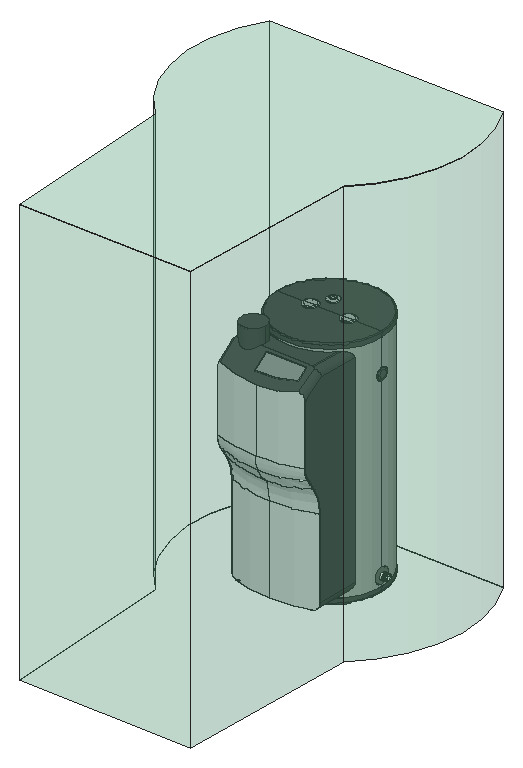
Revit family "Innovo  BENL_IR 20 160 BENL LP", category Mechanical Equipment, Revit 2015
Parameters (values of type "IR-20-160 BENL LP")
  Werkruimte Radius = Diameter + 170 mm  # 730 mm
  Werkruimte Hoogte = Hoogte + 1000 mm  # 2270 mm
  Werkruimte Afstand Voor = 1000 mm
  Werkruimte [instance] = yes
  Voorzorgsmaatregelen tijdens montage, installatie of onderhoud = "zie Gebruikers, Installatie, Service en Onderhouds handleiding"  # constant formula
  Voltage = 230 V  # constant formula
  Verpakkingslengte = 946 mm  # constant formula
  Verpakkingshoogte = 1465 mm
  Verpakkingsbreedte = 786 mm  # constant formula
  Uitsluitend werkend in daluren = no
  Uitschakeldruk LDS < = "115"
  Type aanduiding = "IR-12-160"
  Transportgewicht = 114 kg
  Totaal Gewicht = 274 kg
  Stilstandsverlies - dagelijks (24u) = 0 W
  Stilstandsverlies = 0 W
  Standaard Afgesteld op = "G20/G25"
  Stand Regelthermostaat = 65 °C  # constant formula
  Soort Verpakking = "Karton en Hout"  # constant formula
  Slimme controlefunctie = no
  Setpoint thermostaat = 65 °C  # constant formula
  Seizoens Rendement (Hs) = [Rendement (Hs, vlgs. NEN-EN 89 - 1999)]  # 96
  Rendement (Hs, vlgs. NEN-EN 89 - 1999) = 96
  Rendement (Hi, vlgs. NEN-EN 89 - 1999) = 107
  Produktspecificaties Link = ""
  Produkthandleiding Link = ""
  Produkt Model Nummer (EAN-nummer) = "8717449285890"
  Onderhoudsinterval = "12 maanden"  # constant formula
  Nominale Belasting (Onderwaarde) = "10900.0/9000.0"
  Nominale Belasting (Bovenwaarde) = "12100.0/10000.0"
  Nominaal Vermogen = "11700.0/9600.0"
  NOx-uitstoot mg/kWh = "22.0/23.0"
  NOx-uitstoot (lucht vrij, 0% O2) ppm = "14.0/14.0"
  Min. Stand Regelthermostaat = 40 °C  # constant formula
  Max. Werkdruk = 800000.0 Pa
  Max. Stand Regelthermostaat = 85 °C  # constant formula
  Max. Rookgastemperatuur = 45 °C
  Ledig Gewicht = 95 kg
  Kraan Hoogte 02 = if(and(Hoogte = 1745 mm, Diameter = 675 mm), 1518 mm, if(and(Hoogte = 1745 mm, Diameter = 610 mm), 1534 mm, if(Hoogte = 1545 mm, 1328 mm, 1070 mm)))  # 1070 mm
  Kraan Hoogte 01 = if(and(Diameter > 560 mm), 693 mm, 604 mm)  # 604 mm
  URL = "www.aosmith.be"
  Tapcapaciteit bij ΔT = 70°C  na 90 min. = 270.0 L
  Tapcapaciteit bij ΔT = 70°C  na 60 min. = 200.0 L
  Tapcapaciteit bij ΔT = 70°C  na 30 min. = 120.0 L
  Tapcapaciteit bij ΔT = 70°C  na 120 min. = 340.0 L
  Tapcapaciteit bij ΔT = 55°C  na 90 min. = 370.0 L
  Tapcapaciteit bij ΔT = 55°C  na 60 min. = 270.0 L
  Tapcapaciteit bij ΔT = 55°C  na 30 min. = 180.0 L
  Tapcapaciteit bij ΔT = 55°C  na 120 min. = 460.0 L
  Tapcapaciteit bij ΔT = 50°C  na 90 min. = 410.0 L
  Tapcapaciteit bij ΔT = 50°C  na 60 min. = 310.0 L
  Tapcapaciteit bij ΔT = 50°C  na 30 min. = 210.0 L
  Tapcapaciteit bij ΔT = 50°C na 120 min. = 510.0 L
  Tapcapaciteit bij ΔT = 44°C na 120 min. = 480.0 L
  Tapcapaciteit bij ΔT = 44°C  na 90 min. = 360.0 L
  Tapcapaciteit bij ΔT = 44°C  na 60 min. = 250.0 L
  Tapcapaciteit bij ΔT = 44°C  na 30 min. = 590.0 L
  Tapcapaciteit bij ΔT = 28°C na 90 min. = 780.0 L
  Tapcapaciteit bij ΔT = 28°C na 60 min. = 600.0 L
  Tapcapaciteit bij ΔT = 28°C na 30 min. = 420.0 L
  Tapcapaciteit bij ΔT = 28°C na 120 min. = 960.0 L
  Tapcapaciteit Continu bij ΔT = 70°C = 150.0 L/s
  Tapcapaciteit Continu bij ΔT = 55°C = 190.0 L/s
  Tapcapaciteit Continu bij ΔT = 50°C = 200.0 L/s
  Tapcapaciteit Continu bij ΔT = 44°C = 230.0 L/s
  Tapcapaciteit Continu bij ΔT = 28°C = 360.0 L/s
  Opwarmtijd bij ΔT = 70°C = "42"
  Opwarmtijd bij ΔT = 55°C = "34"
  Opwarmtijd bij ΔT = 50°C = "31"
  Opwarmtijd bij ΔT = 44°C = "27"
  Opwarmtijd bij ΔT = 28°C = "17"
  Model = "IR-12-160 BENL NAT"
  Manufacturer = "A.O. Smith Water Products Company b.v."  # constant formula
  Length = 780 mm  # constant formula
  Jaarlijks elektriciteitsverbruik (2) = "-"
  Jaarlijks elektriciteitsverbruik (1) = "38 kWh"
  Jaarlijks brandstofverbruik (2) = "-"
  Jaarlijks brandstofverbruik (1) = "16 GJ GCV"
  Isolatiedikte = 50 mm
  Installatie Typen = "B23/C13/C33/C43/C53/C63"  # constant formula
  Inhoud = 160.0 L
  Hoogte Warm Water Uitlaat = 1270 mm
  Hoogte Rookgasafvoer = 1295 mm
  Hoogte Lucht Inlaat = 1295 mm
  Hoogte Koud Water Inlaat = 170 mm
  Hoogte Gas Aansluiting = 860 mm
  Hoogte = 1270 mm
  Handelsmerk = "A.O. Smith"  # constant formula
  Geluidsniveau dB (A) = "<45"  # constant formula
  Geluidsniveau binnen = "41 dB"
  Gasverbruik - Volume ltr/hr = "1.20/1.10"
  Gasverbruik - Massa kg/h = "n.v.t."
  Gascategorie = "I2E(S)B"  # constant formula
  Gas Voordruk = "2000/2500 Pa"
  Gas Aansluiting = 15"  # constant formula
  Garrantie op Tank = "36 maanden"  # constant formula
  Garrantie op Onderdelen = "12 maanden"  # constant formula
  Frequentie = 50 Hz  # constant formula
  Fase = 1
  Fabrikantnummer = "E 7110"  # constant formula
  Energie-efficiëntieklasse voor waterverwarming (2) = "-"
  Energie-efficiëntieklasse voor waterverwarming (1) = "A"  # constant formula
  Energie-efficiëntie voor waterverwarming (2) = "-"
  Energie-efficiëntie voor waterverwarming (1) = "92%"
  Elektrisch Vermogen (piek) = 85 W
  Elektrisch Vermogen (nominaal) = 25 W
  Diameter Schoorsteen - parallel systeem = "2x80"  # constant formula
  Diameter Schoorsteen - concentrisch systeem = "80/125 mm/mm"  # constant formula
  Diameter Schoorsteen - boiler = "80/125 mm/mm"  # constant formula
  Diameter = 560 mm
  Description = "Condenserende Hoog Rendementsboiler"  # constant formula
  Created By = "http://www.cadcompany.nl/"
  Capaciteitsprofiel = "XL"
  CO2-uitstoot (tol. +/- 1.0) vol% = "9.3/7.5"
  CE-PIN = "0063CQ3037"  # constant formula
  Breedte = Diameter  # 560 mm
  Bestemming / Land = "BelgIë"  # constant formula
  BIM Content Developer = "CAD & Company"  # constant formula
  Assembly Code = "D3010"
  Ander capaciteitsprofiel = "-"
  Aansluiting Warm Water = 3/4"
  Aansluiting T&P = 3/4"
  Aansluiting Koud Water = 3/4"  # constant formula
  Aansluiting Condensafvoer = 40 mm  # constant formula
  Aansluiting Aftapkraan = 3/4"  # constant formula
  2e Onderhoud (algeheel onderhoud) = "12 maanden na installatie"  # constant formula
  1e Onderhoud (check-up) = "3 maanden na installatie"  # constant formula
Reference planes
  plane 1 "Center (Front/Back)": y = 0
  plane 2: z = 0
  plane 3 "Center (Left/Right)": x = 0
  plane 4 "Pipe": through (-383.901, 912.349, 194.799) normal (-0.0879, -0.0879, 0.9923)
  plane 5 "footing": y = 118.925
  plane 6 "footing front": y = -237.85
  plane 7: x = -280
  plane 8: x = 280
  plane 9: z = 1270
Forms (mm)
  Revolve 1, solid, material "RAL 9005", detail levels medium+fine
    sketch origin (0, -237.85, 0) x (-1, 0, 0) y (0, 0, 1)
      loop
        line (0, 28.9) -> (-15, 28.9) -> (-15, 26.4) -> (-8.671, 26.4) -> (-8.671, 18) -> (-5.686, 18) -> (-6.626, 17.06) -> (-6.626, 12.06) -> (-8.671, 12.06) -> (-8.671, 10) -> (-10.031, 10) -> (-23.271, 5.181)
        arc (-23.271, 5.181) -> (-23.763, 4.836) -> (-24.017, 4.293) r 1.159
        line (-24.017, 4.293) -> (-24.017, 1.03)
        arc (-24.017, 1.03) -> (-23.715, 0.302) -> (-22.986, 0) r 1.03
        line (-22.986, 0) -> (0, 0) -> (0, 28.9)
      axis (0, 28.9) -> (0, 0)
    angle from 0 to 360
  Revolve 2, solid, material "RAL 9005", detail levels medium+fine
    sketch origin (0, 118.925, 0) x (-1, 0, 0) y (0, 0, 1)
      loop
        line (-180.984, 28.9) -> (-195.984, 28.9) -> (-195.984, 26.4) -> (-189.655, 26.4) -> (-189.655, 18) -> (-186.67, 18) -> (-187.61, 17.06) -> (-187.61, 12.06) -> (-189.655, 12.06) -> (-189.655, 10) -> (-191.015, 10) -> (-204.256, 5.181)
        arc (-204.256, 5.181) -> (-204.747, 4.836) -> (-205.001, 4.293) r 1.159
        line (-205.001, 4.293) -> (-205.001, 1.03)
        arc (-205.001, 1.03) -> (-204.699, 0.302) -> (-203.971, 0) r 1.03
        line (-203.971, 0) -> (-180.984, 0) -> (-180.984, 28.9)
      axis (-180.984, 28.9) -> (-180.984, 0)
    angle from 0 to 360
  Revolve 3, solid, material "RAL 9005", detail levels medium+fine
    sketch origin (0, 118.925, 0) x (-1, 0, 0) y (0, 0, 1)
      loop
        line (179.016, 28.9) -> (164.016, 28.9) -> (164.016, 26.4) -> (170.345, 26.4) -> (170.345, 18) -> (173.33, 18) -> (172.39, 17.06) -> (172.39, 12.06) -> (170.345, 12.06) -> (170.345, 10) -> (168.985, 10) -> (155.744, 5.181)
        arc (155.744, 5.181) -> (155.253, 4.836) -> (154.999, 4.293) r 1.159
        line (154.999, 4.293) -> (154.999, 1.03)
        arc (154.999, 1.03) -> (155.301, 0.302) -> (156.029, 0) r 1.03
        line (156.029, 0) -> (179.016, 0) -> (179.016, 28.9)
      axis (179.016, 28.9) -> (179.016, 0)
    angle from 0 to 360
Lines and regions (mm)
  symbolic lines
    curve 1: line (0, 280.06, 0) -> (0, -280.06, 0)
    curve 2: line (-255.06, 0, 0) -> (255.06, 0, 0)
  symbolic lines, style "Workspace"
    curve 3: line (623.261, 380.06, 0) -> (-623.261, 380.06, 0)
    curve 4: arc (-623.261, 380.06, 0) -> (-726.942, -66.745, 0) -> (-543.632, -487.2, 0) r 730
    curve 5: line (-543.632, -487.2, 0) -> (-396.783, -1492.825, 0)
    curve 6: line (-396.783, -1492.825, 0) -> (399.03, -1492.825, 0)
    curve 7: line (399.03, -1492.825, 0) -> (545.76, -484.816, 0)
    curve 8: arc (545.76, -484.816, 0) -> (727.087, -65.154, 0) -> (623.261, 380.06, 0) r 730
Dimensions and locks
  plane 5 "footing" to plane 1 "Center (Front/Back)" = 118.925 mm
  plane 1 "Center (Front/Back)" to plane 6 "footing front" = 237.85 mm
  "Diameter": plane 7 to plane 8
  equal spacing: plane 7, plane 3 "Center (Left/Right)", plane 8
  "Hoogte": plane 9 to plane 2
  "Werkruimte Afstand Voor": curve 6 to nested 3
  "Werkruimte Radius": radius of curve 4
  "Werkruimte Radius": radius of curve 8
  aligned and locked: level to plane 2
  aligned and locked: nested 3 to Revolve 1 sketch curve
  aligned and locked: plane 3 "Center (Left/Right)" to Revolve 1 sketch curve
  aligned and locked: nested 3 to plane 1 "Center (Front/Back)"
  aligned and locked: plane 3 "Center (Left/Right)" to nested 3
  aligned and locked: nested 1 to plane 8
  aligned and locked: nested 5 to plane 8
  aligned and locked: nested 2 to plane 7
  aligned and locked: nested 4 to plane 7
  aligned and locked: nested 7 to plane 7
  aligned and locked: nested 8 to plane 3 "Center (Left/Right)"
  aligned and locked: nested 8 to nested 3
  aligned and locked: curve 3 to nested 8
Automatic sketch dimensions
  Revolve 1 sketch curve to level = 0 mm
  plane 3 "Center (Left/Right)" to Revolve 1 sketch curve = 5.686 mm
  Revolve 1 sketch curve to Revolve 1 sketch curve = 0.94 mm  (x2)
  Revolve 1 sketch curve to Revolve 1 sketch curve = 2.046 mm  (x2)
  Revolve 1 sketch curve to Revolve 1 sketch curve = 1.359 mm
  Revolve 1 sketch curve to Revolve 1 sketch curve = 6.329 mm
  level to Revolve 1 sketch curve = 4.091 mm
  Revolve 1 sketch curve to Revolve 1 sketch curve = 12.844 mm
  level to Revolve 1 sketch curve = 1.03 mm
  Revolve 1 sketch curve to Revolve 1 sketch curve = 0.111 mm
  level to Revolve 1 sketch curve = 5.181 mm
  Revolve 1 sketch curve to Revolve 1 sketch curve = 0.745 mm
  level to Revolve 1 sketch curve = 10 mm
  Revolve 1 sketch curve to Revolve 1 sketch curve = 2.06 mm
  Revolve 1 sketch curve to Revolve 1 sketch curve = 5 mm
  Revolve 1 sketch curve to Revolve 1 sketch curve = 8.4 mm
  Revolve 1 sketch curve to Revolve 1 sketch curve = 2.5 mm
  Revolve 1 sketch curve to level = 19.635 mm
  Revolve 1 sketch curve to Revolve 1 sketch curve = 46.465 mm
  Revolve 2 sketch curve to level = 0 mm
  level to Revolve 2 sketch curve = 1.03 mm
  Revolve 2 sketch curve to plane 8 = 74.999 mm
  level to Revolve 2 sketch curve = 5.181 mm
  Revolve 2 sketch curve to Revolve 2 sketch curve = 0.745 mm
  Revolve 2 sketch curve to Revolve 2 sketch curve = 0.397 mm
  Revolve 2 sketch curve to Revolve 2 sketch curve = 8.271 mm
  Revolve 2 sketch curve to Revolve 2 sketch curve = 13.241 mm
  Revolve 2 sketch curve to Revolve 2 sketch curve = 1.359 mm
  Revolve 2 sketch curve to Revolve 2 sketch curve = 6.329 mm
  Revolve 2 sketch curve to Revolve 2 sketch curve = 2.046 mm
  level to Revolve 2 sketch curve = 18 mm
  Revolve 2 sketch curve to Revolve 2 sketch curve = 0.94 mm  (x2)
  Revolve 2 sketch curve to Revolve 2 sketch curve = 8.671 mm
  Revolve 2 sketch curve to Revolve 2 sketch curve = 1.089 mm
  Revolve 2 sketch curve to Revolve 2 sketch curve = 8 mm
  Revolve 2 sketch curve to Revolve 2 sketch curve = 2.06 mm
  Revolve 2 sketch curve to Revolve 2 sketch curve = 8.4 mm
  Revolve 2 sketch curve to Revolve 2 sketch curve = 2.5 mm
  Revolve 2 sketch curve to Revolve 2 sketch curve = 0 mm
  Revolve 2 sketch curve to level = 19.635 mm
  Revolve 2 sketch curve to Revolve 2 sketch curve = 46.465 mm
  Revolve 3 sketch curve to level = 0 mm
  level to Revolve 3 sketch curve = 1.03 mm
  Revolve 3 sketch curve to plane 7 = 125.001 mm
  level to Revolve 3 sketch curve = 5.181 mm
  Revolve 3 sketch curve to Revolve 3 sketch curve = 0.745 mm
  Revolve 3 sketch curve to Revolve 3 sketch curve = 0.397 mm
  Revolve 3 sketch curve to Revolve 3 sketch curve = 8.271 mm
  Revolve 3 sketch curve to Revolve 3 sketch curve = 13.241 mm
  Revolve 3 sketch curve to Revolve 3 sketch curve = 1.359 mm
  Revolve 3 sketch curve to Revolve 3 sketch curve = 6.329 mm
  Revolve 3 sketch curve to Revolve 3 sketch curve = 2.046 mm
  level to Revolve 3 sketch curve = 18 mm
  Revolve 3 sketch curve to Revolve 3 sketch curve = 0.94 mm  (x2)
  Revolve 3 sketch curve to Revolve 3 sketch curve = 8.671 mm
  Revolve 3 sketch curve to Revolve 3 sketch curve = 1.089 mm
  Revolve 3 sketch curve to Revolve 3 sketch curve = 8 mm
  Revolve 3 sketch curve to Revolve 3 sketch curve = 2.06 mm
  Revolve 3 sketch curve to Revolve 3 sketch curve = 8.4 mm
  Revolve 3 sketch curve to Revolve 3 sketch curve = 2.5 mm
  Revolve 3 sketch curve to Revolve 3 sketch curve = 0 mm
  Revolve 3 sketch curve to level = 19.635 mm
  Revolve 3 sketch curve to Revolve 3 sketch curve = 46.465 mm
  curve 4 to curve 8 = 0 mm  (x2)
  plane 1 "Center (Front/Back)" to curve 2 = 0 mm
  curve 1 to plane 3 "Center (Left/Right)" = 0 mm
  plane 1 "Center (Front/Back)" to curve 4 = 0 mm
  curve 4 to plane 3 "Center (Left/Right)" = 0 mm
  curve 5 to plane 6 "footing front" = 249.35 mm
  plane 7 to curve 5 = 116.783 mm
  plane 8 to curve 7 = 119.03 mm
  curve 7 to plane 6 "footing front" = 246.966 mm
  curve 2 to plane 7 = 24.94 mm
  curve 2 to plane 8 = 24.94 mm
  curve 1 to plane 6 "footing front" = 42.21 mm
  plane 5 "footing" to curve 1 = 161.135 mm
Nested families
  nested 1: "Valve" at (280, -0.38, 1070) x (0, 1, 0) z (0, 0, 1), built-in parameter 1001364 <- "Kraan Hoogte 02", type "Valve"
  nested 2: "Drain Valve" at (-280, 0, 1070), built-in parameter 1001364 <- "Kraan Hoogte 02", type "Drain Valve"
  nested 3: "Housing Mother Housing S 57 (external)" at (0, -274.886, 0), type "Housing Mother_Housing S_57"
  nested 4: "Drain Valve" at (-280, 0, 177), type "Drain Valve"
  nested 5: "Drain Valve" at (280, 0, 107) x (-1, 0, 0) z (0, 0, 1), type "Drain Valve"
  nested 6: "Boiler" at (0, 0, 0), height <- "Hoogte", type "Boiler"
    with height 1270 mm
  nested 7: "Drain Valve" at (-280, 0, 604), built-in parameter 1001364 <- "Kraan Hoogte 01", type "Drain Valve"
  nested 8: "Innovo_workspace" at (0, 0, 0), Workspace <- "Werkruimte", Workspace Distance Front <- "Werkruimte Afstand Voor", Workspace Height <- "Werkruimte Hoogte", Workspace Radius <- "Werkruimte Radius", type "Workspace"
    with Workspace Radius 730 mm, Workspace Height 2270 mm, Workspace Distance Front 1000 mm, Workspace yes, Center to Front 492.825 mm
Connectors
  piping at (314.826, 0, 107), diameter 19.05, driven by "Aansluiting Aftapkraan"
    settings: on nested 5, index 1, connector inside diameter 24", connector length 0 mm, flow factor 0, pipe flow 0.0 L/s, pressure drop 0.0 Pa, fitting loss kfactor 0, connector angle 0.00°, fixture units 0, engagement length 0 mm, angle of deflection 0.00°, flow configuration 0, flow direction 0, fitting loss method 0, system type 19, joint type 0, gender type 0, connector reference index -1, connector utility 0, adjustable connector no, is connector primary yes, connector description ""
  hvac at (-147.013, -321.326, 1310.674)
    settings: on nested 3, index 2, duct flow 0.0 L/s, flow factor 0, pres drop 0.0 Pa, loss coef 0, conn angle 0.00°, conn width 304.8 mm, conn height 304.8 mm, conn diameter 125 mm, duct sys type 4, conn prof type 0, flow config 0, flow direction 0, loss method 0, conn ref index -1, conn util no, is conn primary yes, conn desc ""
Definition of nested family "Valve"
  Parameters (values of type "Valve")
    Type Comments = "T&P valve (internal)"
    Manufacturer = "A.O. Smith"
  Reference planes
    plane 1 "Center (Front/Back)": y = 0
    plane 2: z = 0
    plane 3 "Center (Left/Right)": x = 0
  Forms (mm)
    Extrusion 1, solid, detail levels fine
      sketch origin (0, 0, 0) x (1, 0, 0) y (0, 0, 1)
        loop
          circle (0, 0) r 31.5
      from -2.271 to 1.4
    Sweep 2, solid, detail levels fine
      path origin (0, -1.4, 0) x (1, 0, 0) y (0, 0, 1)
        loop
          circle (0, 0) r 31.5
      profile origin (0, -1.4, 31.5) x (0, 0, -1) y (0, -1, 0)
        loop
          line (7.3, 0) -> (7.3, 3) -> (0, 0) -> (7.3, 0)
  Dimensions and locks
    aligned and locked: level to plane 2
Definition of nested family "Drain Valve"
  Reference planes
    plane 1 "Center (Front/Back)": y = 0
    plane 2: z = 0
    plane 3 "Center (Left/Right)": x = 0
  Forms (mm)
    Revolve 1, solid, detail levels medium+fine
      sketch origin (0, 0, 0) x (1, 0, 0) y (0, 0, 1)
        loop
          line (-33.442, 15.696) -> (-34.826, 14.329) -> (-34.93, 12.731) -> (-16.555, 12.731) -> (-16.555, 0) -> (15.787, 0) -> (15.787, 18.3) -> (-14.4, 18.3) -> (-17.148, 15.533) -> (-18.729, 16.697) -> (-20.091, 15.333) -> (-21.672, 16.496) -> (-23.034, 15.133) -> (-24.614, 16.296) -> (-25.976, 14.932) -> (-27.557, 16.096) -> (-28.919, 14.732) -> (-30.5, 15.896) -> (-31.862, 14.532) -> (-33.442, 15.696)
        axis (-34.93, 0) -> (15.787, 0)
      angle from 0 to 360
  Dimensions and locks
    aligned and locked: level to plane 2
  Nested families
    nested 1: "Rubber sealing" at (2.592, -0.155, 0) x (0.0023, -1, 0) z (0, 0, 1), type "Rubber sealing", detail levels fine
  Definition of nested family "Rubber sealing"
    Reference planes
      plane 1 "Center (Front/Back)": y = 0
      plane 2: z = 0
      plane 3 "Center (Left/Right)": x = 0
    Forms (mm)
      Extrusion 1, solid, detail levels fine
        sketch origin (141.861, 319.581, 0) x (1, 0, 0) y (0, 1, 0)
          loop
            line (-216.354, -311.898) -> (-216.354, -313.94)
            arc (-216.354, -313.94) -> (-141.602, -321.581) -> (-66.861, -313.835) r 366.966
            line (-66.861, -313.835) -> (-66.861, -311.791)
            arc (-66.861, -311.791) -> (-141.602, -319.581) -> (-216.354, -311.898) r 364.966
        from -80 to 80
      Extrusion 2, void
        sketch origin (141.861, 319.581, 0) x (1, 0, 0) y (0, 0, 1)
          loop
            circle (-141.861, 0) r 13
          loop
            circle (-141.861, 0) r 110
          loop
            circle (-141.861, 0) r 40
        from 311.563 to 332.684
      Extrusion 3, void
        sketch origin (141.861, 319.581, 0) x (1, 0, 0) y (0, 0, 1)
          loop
            circle (-141.861, 0) r 18.25
        from 315.524 to 326.084
    Cuts and joins
      Extrusion 2, Extrusion 3 cuts Extrusion 1
    Dimensions and locks
      aligned and locked: level to plane 2
Definition of nested family "Housing Mother Housing S 57 (external)"
  Parameters (values of type "Housing Mother_Housing S_57")
    radius [instance] = 280 mm
    distance to boiler center = if(diameter = 675 mm, 189 mm, if(diameter = 610 mm, 154 mm, 129 mm))  # 129 mm
    diameter = 560 mm
  Reference planes
    plane 1 "Center (Front/Back)": y = 0
    plane 2: z = 0
    plane 3 "Center (Left/Right)": x = 0
    plane 4 "left": through (-245.286, 145.886, 1200) normal (0.9994, 0.0349, 0)
    plane 5: y = -217.939
    plane 6: y = 145.886
    plane 7: z = 1232.6
    plane 8: z = 65.89
    plane 9 "right": through (245.286, 145.886, 1200) normal (0.9994, -0.0349, 0)
    plane 10 "display": through (0, -90.37, 1221.196) normal (0, -0.5736, 0.8192)
    plane 11 "Potentiostat": z = 867.899
    plane 12 "boiler center": y = 274.886
    plane 13: x = -280
    plane 14: x = 280
  Forms (mm)
    Extrusion 1, solid
      sketch origin (0, 0, 0) x (1, 0, 0) y (0, 1, 0)
        loop
          line (-245.286, 145.886) -> (-232.581, -217.939) -> (232.581, -217.939) -> (245.286, 145.886)
          arc (245.286, 145.886) -> (0, 0.923) -> (-245.286, 145.886) r 280
      from 0 to 1232.6
    Sweep 2, void
      path origin (0, 0, 0) x (0, 1, 0) y (0, 0, 1)
        loop
          line (-217.939, 1232.6) -> (-217.939, 795.555)
          arc (-217.939, 795.555) -> (-212.387, 754.285) -> (-197.694, 715.322) r 183.924
          arc (-197.694, 715.322) -> (-179.915, 684.628) -> (-159.106, 655.901) r 348.284
          arc (-159.106, 655.901) -> (-131.411, 600.328) -> (-121.88, 538.973) r 202.254
          line (-121.88, 538.973) -> (-121.88, 61.106)
      profile origin (0, -217.939, 1014.077) x (1, 0, 0) y (0, 1, 0)
        loop
          arc (0, 0) -> (-117.533, 9.941) -> (-231.728, 39.475) r 699.984
          arc (-231.728, 39.475) -> (-233.391, 40.705) -> (-234.07, 42.659) r 3.505
          line (-234.07, 42.659) -> (-254.062, 42.659) -> (-254.062, -142.593) -> (254.07, -142.593) -> (254.07, 42.659) -> (234.07, 42.659)
          arc (234.07, 42.659) -> (233.391, 40.705) -> (231.728, 39.475) r 3.505
          arc (231.728, 39.475) -> (117.533, 9.941) -> (0, 0) r 699.984
    Extrusion 3, void
      sketch origin (0, 0, 0) x (0, 1, 0) y (0, 0, 1)
        loop
          arc (102.864, 70.869) -> (99.804, 70.709) -> (96.874, 69.813) r 12.57
          arc (96.874, 69.813) -> (87.878, 66.533) -> (78.516, 64.529) r 69.114
          arc (78.516, 64.529) -> (76.41, 64.284) -> (74.294, 64.148) r 41.206
          arc (74.294, 64.148) -> (65.203, 64.335) -> (56.122, 64.782) r 318.661
          arc (56.122, 64.782) -> (30.585, 66.179) -> (5.028, 67.128) r 1456.581
          line (5.028, 67.128) -> (-84.534, 73.135)
          arc (-84.534, 73.135) -> (-86.363, 73.808) -> (-87.536, 75.365) r 3.455
          line (-87.536, 75.365) -> (-264.473, 75.365) -> (-264.473, 0) -> (160.886, 0) -> (160.886, 103.945) -> (145.886, 103.945)
          arc (145.886, 103.945) -> (145.104, 97.827) -> (142.923, 92.059) r 26.364
          arc (142.923, 92.059) -> (141.067, 88.936) -> (138.867, 86.045) r 31.715
          arc (138.867, 86.045) -> (135.576, 82.49) -> (132.021, 79.2) r 62.615
          arc (132.021, 79.2) -> (125.841, 74.697) -> (119.091, 71.103) r 54.444
          arc (119.091, 71.103) -> (116.371, 70.272) -> (113.531, 70.123) r 11.669
          line (113.531, 70.123) -> (102.864, 70.869)
      from -254.062 to 254.07
    Sweep 4, void
      path origin (0, 0, 0) x (1, 0, 0) y (0, 1, 0)
        loop
          line (-245.286, 145.886) -> (-232.581, -217.939)
      profile origin (-238.933, -36.027, 0) x (0.999391, 0.034899, 0) y (0, 0, 1)
        loop
          line (-4.454, 0) -> (47.084, 0) -> (47.084, 73.431)
          arc (47.084, 73.431) -> (14.222, 85.134) -> (0.255, 117.1) r 43.922
          line (0.255, 117.1) -> (-4.454, 117.1) -> (-4.454, 0)
    Sweep 5, void
      path origin (0, 0, 0) x (-1, 0, 0) y (0, 1, 0)
        loop
          line (-245.286, 145.886) -> (-232.581, -217.939)
      profile origin (238.933, -36.027, 0) x (0.999391, -0.034899, 0) y (0, 0, 1)
        loop
          line (4.454, 0) -> (4.454, 117.1) -> (-0.255, 117.1)
          arc (-0.255, 117.1) -> (-14.222, 85.134) -> (-47.084, 73.431) r 43.922
          line (-47.084, 73.431) -> (-47.084, 0) -> (4.454, 0)
    Sweep 6, void
      path origin (-239.899, -8.377, 0) x (-0.034899, 0.999391, 0) y (0, 0, 1)
        loop
          line (-209.69, 1141.272) -> (-79.18, 1232.6) -> (154.358, 1232.6)
      profile origin (-241.211, 29.188, 1232.6) x (0, 0, 1) y (0.999391, 0.034899, 0)
        loop
          line (-45, -30) -> (75, -30) -> (75, 0) -> (75, 55) -> (2.799, 55) -> (-1.253, 35.128)
          arc (-1.253, 35.128) -> (-16.771, 9.564) -> (-45, -0.308) r 44.287
          line (-45, -0.308) -> (-45, -30)
    Sweep 7, void
      path origin (239.899, -8.377, 0) x (0.034899, 0.999391, 0) y (0, 0, 1)
        loop
          line (-209.69, 1141.272) -> (-79.18, 1232.6) -> (154.358, 1232.6)
      profile origin (241.211, 29.188, 1232.6) x (0, 0, -1) y (-0.999391, 0.034899, 0)
        loop
          line (-75, -25) -> (45, -25) -> (45, -0.308)
          arc (45, -0.308) -> (16.771, 9.564) -> (1.253, 35.128) r 44.287
          line (1.253, 35.128) -> (-2.799, 55) -> (-75, 55) -> (-75, -25)
    Extrusion 8, void
      sketch origin (0, 0, 0) x (0, 1, 0) y (0, 0, 1)
        loop
          line (-270, 1336.099) -> (-270, 1099.081) -> (68.497, 1336.099) -> (-270, 1336.099)
      from -425.038 to 444.42
    Extrusion 9, solid, detail levels medium+fine
      sketch origin (0, 0, 0) x (1, 0, 0) y (0, 1, 0)
        loop
          circle (-147.013, -46.44) r 65
      from 1163.174 to 1310.674
    Extrusion 10, void
      sketch origin (0, -603.506, 861.895) x (0, 0.819152, 0.573576) y (-1, 0, 0)
        loop
          arc (618.322, -173) -> (623.272, -170.95) -> (625.322, -166) r 7
          line (625.322, -166) -> (625.322, 35)
          arc (625.322, 35) -> (623.272, 39.95) -> (618.322, 42) r 7
          line (618.322, 42) -> (535.473, 42)
          arc (535.473, 42) -> (530.688, 40.11) -> (528.488, 35.46) r 7
          arc (528.488, 35.46) -> (531.569, -67.592) -> (554.18, -168.18) r 540
          arc (554.18, -168.18) -> (556.724, -171.668) -> (560.831, -173) r 7
          line (560.831, -173) -> (618.322, -173)
      from 0 to 137.286
    Sweep 11, solid, detail levels fine
      path origin (0, 0, 867.899) x (-1, 0, 0) y (0, -1, 0)
        loop
          line (309.749, -35.617) -> (204.371, -35.617)
          arc (204.371, -35.617) -> (196.509, -34.687) -> (189.082, -31.947) r 33.677
          line (189.082, -31.947) -> (-9.574, 69.274)
      profile origin (-257.06, 35.617, 867.899) x (0, 1, 0) y (0, 0, 1)
        loop
          circle (0, 0) r 7.316
        loop
          circle (0, 0) r 6.465
    Revolve 12, void
      sketch origin (0, 274.886, 0) x (-1, 0, 0) y (0, 0, 1)
        loop
          line (280, 1243.838) -> (0, 1243.838) -> (0, 54.9) -> (280, 54.9) -> (280, 1243.838)
        axis (0, 1243.838) -> (0, 54.9)
      angle from 0 to 360
  Cuts and joins
    Sweep 2, Extrusion 3, Sweep 4, Sweep 5, Sweep 6, Sweep 7, Extrusion 8, Extrusion 10, Revolve 12 cuts Extrusion 1
  Dimensions and locks
    plane 8 to plane 2 = 65.89 mm
    plane 7 to plane 8 = 1166.71 mm
    "distance to boiler center": plane 12 "boiler center" to plane 6
    "diameter": plane 14 to plane 13
    equal spacing: plane 14, plane 3 "Center (Left/Right)", plane 13
    "radius": plane 3 "Center (Left/Right)" to plane 13
    aligned and locked: level to plane 2
    aligned and locked: Extrusion 1 to plane 7
    aligned and locked: Extrusion 1 sketch curve to plane 5
    aligned and locked: Sweep 2 to Extrusion 3
    aligned and locked: Extrusion 3 to Sweep 2  (x2)
    aligned and locked: plane 7 to Sweep 2 sketch curve
    aligned and locked: plane 3 "Center (Left/Right)" to Revolve 12 sketch curve
    aligned and locked: Revolve 12 sketch curve to plane 3 "Center (Left/Right)"
    aligned and locked: plane 13 to Revolve 12 sketch curve
  Automatic sketch dimensions
    Extrusion 1 sketch curve to plane 4 "left" = 0 mm  (x2)
    Extrusion 1 sketch curve to plane 6 = 0 mm  (x2)
    Extrusion 1 sketch curve to plane 3 "Center (Left/Right)" = 0 mm
    Extrusion 1 sketch curve to plane 9 "right" = 0 mm
    plane 6 to Extrusion 1 sketch curve = 135.037 mm
    Sweep 2 sketch curve to plane 5 = 0 mm
    plane 5 to Sweep 2 sketch curve = 106.195 mm
    Sweep 2 sketch curve to plane 5 = 96.059 mm
    plane 1 "Center (Front/Back)" to Sweep 2 sketch curve = 34.053 mm
    plane 11 "Potentiostat" to Sweep 2 sketch curve = 6.417 mm
    Sweep 2 sketch curve to plane 6 = 33.705 mm
    Sweep 2 sketch curve to plane 11 "Potentiostat" = 68.615 mm
    Sweep 2 sketch curve to plane 11 "Potentiostat" = 72.345 mm
    Sweep 2 sketch curve to Sweep 2 sketch curve = 176.349 mm
    Sweep 2 sketch curve to Sweep 2 sketch curve = 0 mm  (x2)
    plane 8 to Sweep 2 sketch curve = 4.784 mm
    Extrusion 3 sketch curve to level = 0 mm
    Extrusion 3 sketch curve to plane 6 = 0 mm
    Extrusion 3 sketch curve to plane 6 = 26.363 mm
    Extrusion 3 sketch curve to Extrusion 3 sketch curve = 4.75 mm
    Extrusion 3 sketch curve to Extrusion 3 sketch curve = 5.179 mm
    Extrusion 3 sketch curve to plane 8 = 4.232 mm
    Extrusion 3 sketch curve to Extrusion 3 sketch curve = 0.814 mm
    Extrusion 3 sketch curve to plane 8 = 4.978 mm
    Extrusion 3 sketch curve to Extrusion 3 sketch curve = 10.667 mm
    Extrusion 3 sketch curve to Extrusion 3 sketch curve = 0.877 mm
    Extrusion 3 sketch curve to Extrusion 3 sketch curve = 17.827 mm
    Extrusion 3 sketch curve to Extrusion 3 sketch curve = 5.646 mm
    Extrusion 3 sketch curve to plane 6 = 69.562 mm
    Extrusion 3 sketch curve to Extrusion 3 sketch curve = 18.6 mm
    Extrusion 3 sketch curve to Extrusion 3 sketch curve = 22.538 mm
    Extrusion 3 sketch curve to plane 8 = 1.238 mm
    Extrusion 3 sketch curve to plane 1 "Center (Front/Back)" = 5.028 mm
    plane 1 "Center (Front/Back)" to Extrusion 3 sketch curve = 36.224 mm
    Extrusion 3 sketch curve to plane 8 = 10.692 mm
    plane 1 "Center (Front/Back)" to Extrusion 3 sketch curve = 84.302 mm
    Extrusion 3 sketch curve to plane 8 = 7.244 mm
    Extrusion 3 sketch curve to Extrusion 3 sketch curve = 0.231 mm
    Extrusion 3 sketch curve to Extrusion 3 sketch curve = 3.234 mm
    plane 5 to Extrusion 3 sketch curve = 46.534 mm
    plane 6 to Extrusion 3 sketch curve = 15 mm
    Extrusion 3 sketch curve to level = 1388.869 mm
    plane 8 to Extrusion 3 sketch curve = 7.561 mm
    Extrusion 3 sketch curve to Extrusion 3 sketch curve = 11.64 mm
    Extrusion 3 sketch curve to plane 8 = 38.054 mm
    Extrusion 3 sketch curve to Extrusion 3 sketch curve = 22.442 mm
    Extrusion 3 sketch curve to plane 8 = 39.432 mm
    Extrusion 3 sketch curve to Extrusion 3 sketch curve = 2.466 mm
    Extrusion 3 sketch curve to Extrusion 3 sketch curve = 14.17 mm
    Extrusion 3 sketch curve to Extrusion 3 sketch curve = 5.925 mm
    Extrusion 3 sketch curve to Extrusion 3 sketch curve = 6.186 mm
    Extrusion 3 sketch curve to Extrusion 3 sketch curve = 249.85 mm
    Extrusion 3 sketch curve to Extrusion 3 sketch curve = 0 mm  (x4)
    Extrusion 3 sketch curve to Extrusion 3 sketch curve = 6.845 mm
    plane 8 to Extrusion 3 sketch curve = 1.743 mm
    Sweep 4 sketch curve to plane 4 "left" = 0 mm  (x2)
    Sweep 4 sketch curve to plane 6 = 0 mm
    plane 5 to Sweep 4 sketch curve = 0 mm
    Sweep 4 sketch curve to level = 0 mm
    profile plane to Sweep 4 sketch curve = 4.454 mm
    Sweep 4 sketch curve to profile plane = 0.255 mm
    Sweep 4 sketch curve to Sweep 4 sketch curve = 43.922 mm
    Sweep 4 sketch curve to profile plane = 47.084 mm
    level to Sweep 4 sketch curve = 73.431 mm
    Sweep 4 sketch curve to Sweep 4 sketch curve = 43.669 mm
    Sweep 5 sketch curve to plane 6 = 0 mm
    Sweep 5 sketch curve to plane 9 "right" = 0 mm  (x2)
    plane 5 to Sweep 5 sketch curve = 0 mm
    Sweep 5 sketch curve to level = 0 mm
    profile plane to Sweep 5 sketch curve = 47.084 mm
    Sweep 5 sketch curve to Sweep 5 sketch curve = 2.907 mm
    profile plane to Sweep 5 sketch curve = 0.255 mm
    Sweep 5 sketch curve to profile plane = 4.454 mm
    level to Sweep 5 sketch curve = 73.431 mm
    Sweep 5 sketch curve to Sweep 5 sketch curve = 43.669 mm
    Sweep 6 sketch curve to plane 7 = 0 mm
    plane 7 to Sweep 6 sketch curve = 91.328 mm
    Sweep 6 sketch curve to Sweep 6 sketch curve = 130.509 mm
    Sweep 6 sketch curve to Sweep 6 sketch curve = 233.538 mm
    Sweep 6 sketch curve to plane 4 "left" = 0 mm
    profile plane to Sweep 6 sketch curve = 45 mm
    Sweep 6 sketch curve to Sweep 6 sketch curve = 0.354 mm
    profile plane to Sweep 6 sketch curve = 1.253 mm
    Sweep 6 sketch curve to profile plane = 2.799 mm
    Sweep 6 sketch curve to Sweep 6 sketch curve = 72.201 mm
    Sweep 6 sketch curve to plane 4 "left" = 0.308 mm
    Sweep 6 sketch curve to Sweep 6 sketch curve = 29.692 mm
    plane 4 "left" to Sweep 6 sketch curve = 35.128 mm
    plane 4 "left" to Sweep 6 sketch curve = 55 mm
    Sweep 7 sketch curve to plane 7 = 0 mm
    Sweep 7 sketch curve to plane 7 = 91.328 mm
    Sweep 7 sketch curve to Sweep 7 sketch curve = 130.509 mm
    Sweep 7 sketch curve to Sweep 7 sketch curve = 233.538 mm
    Sweep 7 sketch curve to plane 9 "right" = 25 mm
    profile plane to Sweep 7 sketch curve = 75 mm
    profile plane to Sweep 7 sketch curve = 2.799 mm
    Sweep 7 sketch curve to profile plane = 1.253 mm
    Sweep 7 sketch curve to Sweep 7 sketch curve = 43.393 mm
    Sweep 7 sketch curve to profile plane = 45 mm
    Sweep 7 sketch curve to plane 9 "right" = 0.308 mm
    plane 9 "right" to Sweep 7 sketch curve = 35.128 mm
    Sweep 7 sketch curve to Sweep 7 sketch curve = 19.872 mm
    plane 5 to Extrusion 8 sketch curve = 52.061 mm
    Extrusion 8 sketch curve to plane 1 "Center (Front/Back)" = 68.497 mm
    plane 7 to Extrusion 8 sketch curve = 133.519 mm
    Extrusion 8 sketch curve to plane 7 = 103.499 mm
    plane 1 "Center (Front/Back)" to Extrusion 9 sketch curve = 46.44 mm
    Extrusion 9 sketch curve to plane 3 "Center (Left/Right)" = 147.013 mm
    Extrusion 10 sketch curve to plane 3 "Center (Left/Right)" = 0 mm
    Extrusion 10 sketch curve to plane 3 "Center (Left/Right)" = 35 mm
    Extrusion 10 sketch curve to Extrusion 10 sketch curve = 25.359 mm
    Extrusion 10 sketch curve to Extrusion 10 sketch curve = 57.491 mm
    Extrusion 10 sketch curve to plane 3 "Center (Left/Right)" = 42 mm
    Extrusion 10 sketch curve to Extrusion 10 sketch curve = 82.85 mm
    Extrusion 10 sketch curve to Extrusion 10 sketch curve = 7 mm
    Extrusion 10 sketch curve to Extrusion 10 sketch curve = 442 mm
    plane 3 "Center (Left/Right)" to Extrusion 10 sketch curve = 166 mm
    Extrusion 10 sketch curve to Extrusion 10 sketch curve = 0 mm  (x2)
    Sweep 11 sketch curve to plane 1 "Center (Front/Back)" = 31.947 mm
    Sweep 11 sketch curve to plane 3 "Center (Left/Right)" = 189.082 mm
    Sweep 11 sketch curve to plane 1 "Center (Front/Back)" = 1.94 mm
    Sweep 11 sketch curve to Sweep 11 sketch curve = 15.289 mm
    plane 3 "Center (Left/Right)" to Sweep 11 sketch curve = 9.574 mm
    Sweep 11 sketch curve to Sweep 11 sketch curve = 105.378 mm
    plane 1 "Center (Front/Back)" to Sweep 11 sketch curve = 69.274 mm
    Sweep 11 sketch curve to Sweep 11 sketch curve = 0 mm  (x2)
    Sweep 11 sketch curve to plane 11 "Potentiostat" = 0 mm
    Sweep 11 sketch curve to profile plane = 0 mm
    plane 8 to Revolve 12 sketch curve = 10.99 mm
    Revolve 12 sketch curve to plane 7 = 11.238 mm
    Revolve 12 sketch curve to level = 366.045 mm
    Revolve 12 sketch curve to Revolve 12 sketch curve = 971.917 mm
    Sweep 2 sketch curve to plane 3 "Center (Left/Right)" = 0 mm
    profile plane to Sweep 2 sketch curve = 0 mm
    Sweep 2 sketch curve to plane 3 "Center (Left/Right)" = 0.016 mm
    Sweep 2 sketch curve to profile plane = 42.782 mm  (x2)
    Sweep 2 sketch curve to plane 3 "Center (Left/Right)" = 230.568 mm
    plane 3 "Center (Left/Right)" to Sweep 2 sketch curve = 0.016 mm
    plane 3 "Center (Left/Right)" to Sweep 2 sketch curve = 230.568 mm
    Sweep 2 sketch curve to Sweep 2 sketch curve = 3.502 mm  (x2)
    Sweep 2 sketch curve to Sweep 2 sketch curve = 20 mm
    profile plane to Sweep 2 sketch curve = 142.593 mm
    Sweep 2 sketch curve to Sweep 2 sketch curve = 0.122 mm  (x2)
    Sweep 2 sketch curve to Sweep 2 sketch curve = 657.203 mm
    Sweep 2 sketch curve to Sweep 2 sketch curve = 19.991 mm
    radius of Extrusion 9 sketch curve = 65 mm
    radius of Sweep 11 sketch curve = 7.316 mm
    radius of Sweep 11 sketch curve = 6.465 mm
  Nested families
    nested 1: "display" at (65.5, -130.939, 1192.79) x (-1, 0, 0) z (0, -0.5736, 0.8192), type "display"
  Definition of nested family "display"
    Parameters (values of type "display")
      Default Elevation = 1219.2 mm
    Reference planes
      plane 1 "Center (Front/Back)": y = 0
      plane 2: z = 0
      plane 3 "Center (Left/Right)": x = 0
    Forms (mm)
      Extrusion 1, solid, detail levels medium+fine
        sketch origin (-16.958, 11.842, -343.878) x (1, 0, 0) y (0, 0, -1)
          loop
            line (-233.523, -343.878) -> (-233.523, -346.592) -> (332.686, -346.592) -> (332.686, -343.878) -> (-233.523, -343.878)
        from -228.7 to 150.822
      Extrusion 2, void
        sketch origin (-16.958, 6.842, -343.878) x (1, 0, 0) y (0, 1, 0)
          loop
            line (-233.523, 155.822) -> (-233.523, -223.7) -> (332.686, -223.7) -> (332.686, 155.822) -> (-233.523, 155.822)
          loop
            arc (-90.542, -48.267) -> (-88.492, -53.216) -> (-83.542, -55.267) r 7
            line (-83.542, -55.267) -> (117.458, -55.267)
            arc (117.458, -55.267) -> (122.408, -53.216) -> (124.458, -48.267) r 7
            line (124.458, -48.267) -> (124.458, 34.583)
            arc (124.458, 34.583) -> (122.568, 39.368) -> (117.918, 41.568) r 7
            arc (117.918, 41.568) -> (14.866, 38.487) -> (-85.722, 15.876) r 540
            arc (-85.722, 15.876) -> (-89.21, 13.332) -> (-90.542, 9.224) r 7
            line (-90.542, 9.224) -> (-90.542, -48.267)
        from 328.878 to 363.083
    Cuts and joins
      Extrusion 2 cuts Extrusion 1
    Dimensions and locks
      aligned and locked: level to plane 2
Definition of nested family "Boiler"
  Parameters (values of type "Boiler")
    radius [instance] = 280 mm
    height [instance] = 1270 mm
    Diameter = 560 mm
  Reference planes
    plane 1 "Center (Front/Back)": y = 0
    plane 2: z = 0
    plane 3 "Center (Left/Right)": x = 0
    plane 4: z = 1243.838
    plane 5: z = 1270
    plane 6 "bottom": z = 28.9
    plane 7: z = 54.9
    plane 8 "top controle": y = 88
    plane 9: x = -280
    plane 10: x = 280
  Forms (mm)
    Revolve 1, solid
      sketch origin (0, 0, 0) x (1, 0, 0) y (0, 0, 1)
        loop
          line (0, 54.9) -> (-280, 54.9) -> (-280, 32.9)
          arc (-280, 32.9) -> (-278.828, 30.072) -> (-276, 28.9) r 4
          line (-276, 28.9) -> (0, 28.9) -> (0, 54.9)
        axis (0, 28.9) -> (0, 54.9)
      angle from 0 to 360
    Revolve 2, solid
      sketch origin (1.311, 0, 0) x (1, 0, 0) y (0, 0, 1)
        loop
          line (-278.86, 1243.838) -> (-278.86, 54.9) -> (-1.311, 54.9) -> (-1.311, 1243.838) -> (-278.86, 1243.838)
        axis (-1.311, 1243.838) -> (-1.311, 54.9)
      angle from 0 to 360
    Revolve 3, solid
      sketch origin (-9.205, 0, 377.212) x (-1, 0, 0) y (0, 0, 1)
        loop
          line (-148.904, 892.788) -> (-110.805, 892.788) -> (-110.805, 895.963) -> (-141.883, 895.963) -> (-148.904, 893.62) -> (-148.904, 892.788)
        axis (-110.805, 892.788) -> (-110.805, 895.963)
      angle from 0 to 360
    Revolve 4, solid
      sketch origin (0, 0, 718.065) x (1, 0, 0) y (0, 0, -1)
        loop
          line (0, -525.773) -> (-280, -525.773) -> (-280, -547.935)
          arc (-280, -547.935) -> (-278.828, -550.763) -> (-276, -551.935) r 4
          line (-276, -551.935) -> (0, -551.935) -> (0, -525.773)
        axis (0, -551.935) -> (0, -525.773)
      angle from 0 to 360
    Revolve 5, solid
      sketch origin (0, 88, 0) x (1, 0, 0) y (0, 0, 1)
        loop
          line (-19.051, 1270) -> (-19.051, 1271.074) -> (-32.63, 1275.604) -> (-32.63, 1271.117) -> (-37.266, 1271.117) -> (-38.383, 1270) -> (-19.051, 1270)
        axis (-50.8, 1270) -> (-50.8, 1275.604)
      angle from 0 to 360
    Revolve 6, solid
      sketch origin (-217.12, 0, 372.245) x (-1, 0, 0) y (0, 0, 1)
        loop
          line (-153.622, 897.755) -> (-115.52, 897.755) -> (-115.52, 900.93) -> (-146.626, 900.93) -> (-153.622, 898.596) -> (-153.622, 897.755)
        axis (-115.52, 897.755) -> (-115.52, 900.93)
      angle from 0 to 360
  Dimensions and locks
    "height": plane 5 to plane 2
    plane 6 "bottom" to plane 2 = 28.9 mm
    locked: plane 5 to plane 4 at 26.162
    locked: plane 1 "Center (Front/Back)" to plane 8 "top controle" at 88
    "Diameter": plane 10 to plane 9
    equal spacing: plane 10, plane 3 "Center (Left/Right)", plane 9
    "radius": plane 3 "Center (Left/Right)" to plane 9
    locked: plane 9 to Revolve 2 sketch curve at 2.452
    aligned and locked: level to plane 2
    aligned and locked: Revolve 2 sketch curve to plane 7
    aligned and locked: Revolve 2 sketch curve to plane 4
    aligned and locked: Revolve 1 sketch curve to plane 7
    aligned and locked: plane 6 "bottom" to Revolve 1 sketch curve
    aligned and locked: Revolve 4 sketch curve to plane 3 "Center (Left/Right)"
    aligned and locked: plane 5 to Revolve 4 sketch curve
    aligned and locked: Revolve 4 sketch curve to plane 4
    aligned and locked: plane 9 to Revolve 4 sketch curve
    aligned and locked: Revolve 1 sketch curve to plane 9
    aligned and locked: Revolve 2 sketch curve to plane 3 "Center (Left/Right)"
    aligned and locked: plane 3 "Center (Left/Right)" to Revolve 2 sketch curve
  Automatic sketch dimensions
    Revolve 1 sketch curve to plane 3 "Center (Left/Right)" = 0 mm  (x2)
    Revolve 1 sketch curve to Revolve 1 sketch curve = 4 mm
    Revolve 1 sketch curve to level = 40 mm
    Revolve 1 sketch curve to Revolve 1 sketch curve = 305.1 mm
    Revolve 2 sketch curve to level = 366.045 mm
    Revolve 2 sketch curve to plane 5 = 945.755 mm
    Revolve 3 sketch curve to plane 5 = 0 mm
    Revolve 3 sketch curve to plane 3 "Center (Left/Right)" = 139.699 mm
    plane 5 to Revolve 3 sketch curve = 3.175 mm
    Revolve 3 sketch curve to Revolve 3 sketch curve = 7.022 mm
    Revolve 3 sketch curve to Revolve 3 sketch curve = 31.078 mm
    Revolve 3 sketch curve to Revolve 3 sketch curve = 0.832 mm
    Revolve 3 sketch curve to Revolve 3 sketch curve = 0 mm
    Revolve 3 sketch curve to Revolve 3 sketch curve = 2.338 mm
    Revolve 3 sketch curve to Revolve 3 sketch curve = 4.487 mm
    Revolve 4 sketch curve to plane 3 "Center (Left/Right)" = 0 mm
    Revolve 4 sketch curve to Revolve 4 sketch curve = 4 mm
    Revolve 4 sketch curve to Revolve 4 sketch curve = 68.738 mm
    Revolve 4 sketch curve to Revolve 4 sketch curve = 305.1 mm
    Revolve 6 sketch curve to plane 5 = 0 mm
    plane 3 "Center (Left/Right)" to Revolve 6 sketch curve = 63.497 mm
    plane 5 to Revolve 6 sketch curve = 3.175 mm
    Revolve 6 sketch curve to Revolve 6 sketch curve = 6.997 mm
    Revolve 6 sketch curve to Revolve 6 sketch curve = 31.106 mm
    Revolve 6 sketch curve to Revolve 6 sketch curve = 0.84 mm
    Revolve 6 sketch curve to Revolve 6 sketch curve = 0 mm
    Revolve 6 sketch curve to Revolve 6 sketch curve = 7.216 mm
    Revolve 6 sketch curve to Revolve 6 sketch curve = 0.391 mm
    Revolve 5 sketch curve to Revolve 5 sketch curve = 13.578 mm
    Revolve 5 sketch curve to Revolve 5 sketch curve = 1.074 mm
    Revolve 5 sketch curve to Revolve 5 sketch curve = 12.417 mm
    Revolve 5 sketch curve to Revolve 5 sketch curve = 5.753 mm
    Revolve 5 sketch curve to plane 5 = 1.117 mm
    Revolve 5 sketch curve to Revolve 5 sketch curve = 1.117 mm
    plane 5 to Revolve 5 sketch curve = 4.396 mm
    Revolve 5 sketch curve to plane 5 = 0 mm
    Revolve 5 sketch curve to Revolve 5 sketch curve = 4.487 mm
    Revolve 5 sketch curve to plane 3 "Center (Left/Right)" = 38.383 mm
    Revolve 5 sketch curve to plane 5 = 5.604 mm
Definition of nested family "Innovo_workspace"
  Parameters (values of type "Workspace")
    Workspace Radius [instance] = 730 mm
    Workspace Height [instance] = 2270 mm
    Workspace Distance Front [instance] = 1000 mm
    Workspace [instance] = yes
    URL = "www.aosmith.nl"
    Model = ""
    Manufacturer = "A.O. Smith Water Products Company b.v."  # constant formula
    Description = ""
    Created By = ""
    Center to Front [instance] = 492.825 mm
    BIM Content Developer = "CAD & Company"  # constant formula
    Assembly Code = ""
  Reference planes
    plane 1 "Center (Front/Back)": y = 0
    plane 2: z = 0
    plane 3 "Center (Left/Right)": x = 0
    plane 4 "Pipe": through (-383.901, 912.349, 194.799) normal (-0.0879, -0.0879, 0.9923)
    plane 5 "front": y = -492.825
  Forms (mm)
    Extrusion 1, solid, visible <- "Workspace"
      sketch origin (0, 0, 0) x (1, 0, 0) y (0, 1, 0)
        loop
          line (456.53, -1492.825) -> (500.201, -531.695)
          arc (500.201, -531.695) -> (723.44, -97.643) -> (623.261, 380.06) r 730
          line (623.261, 380.06) -> (-623.261, 380.06)
          arc (-623.261, 380.06) -> (-723.227, -99.209) -> (-497.893, -533.856) r 730
          line (-497.893, -533.856) -> (-454.283, -1492.825) -> (456.53, -1492.825)
      from 0 to 2270 <- "Workspace Height"
  Lines and regions (mm)
    symbolic lines
      curve 1: line (0, 280.06, 0) -> (0, -280.06, 0)
      curve 2: line (-255.06, 0, 0) -> (255.06, 0, 0)
  Dimensions and locks
    locked: Extrusion 1 sketch curve to curve 1 at 100
    "Workspace Distance Front": plane 5 "front" to Extrusion 1
    "Center to Front": plane 1 "Center (Front/Back)" to plane 5 "front"
    "Workspace Radius": radius of Extrusion 1 sketch curve  (x2)
    aligned and locked: level to plane 2
  Automatic sketch dimensions
    plane 1 "Center (Front/Back)" to curve 2 = 0 mm
    curve 1 to plane 3 "Center (Left/Right)" = 0 mm
    plane 3 "Center (Left/Right)" to curve 2 = 255.06 mm
    curve 1 to plane 1 "Center (Front/Back)" = 280.06 mm
    curve 2 to plane 3 "Center (Left/Right)" = 255.06 mm
    plane 5 "front" to curve 1 = 212.765 mm
    Extrusion 1 sketch curve to Extrusion 1 sketch curve = 0 mm  (x2)
    plane 1 "Center (Front/Back)" to Extrusion 1 sketch curve = 0 mm
    Extrusion 1 sketch curve to plane 3 "Center (Left/Right)" = 0 mm
    Extrusion 1 sketch curve to plane 5 "front" = 41.031 mm
    Extrusion 1 sketch curve to plane 3 "Center (Left/Right)" = 454.283 mm
    plane 3 "Center (Left/Right)" to Extrusion 1 sketch curve = 456.53 mm
    Extrusion 1 sketch curve to plane 5 "front" = 38.869 mm
    Extrusion 1 sketch curve to Extrusion 1 sketch curve = 961.131 mm
